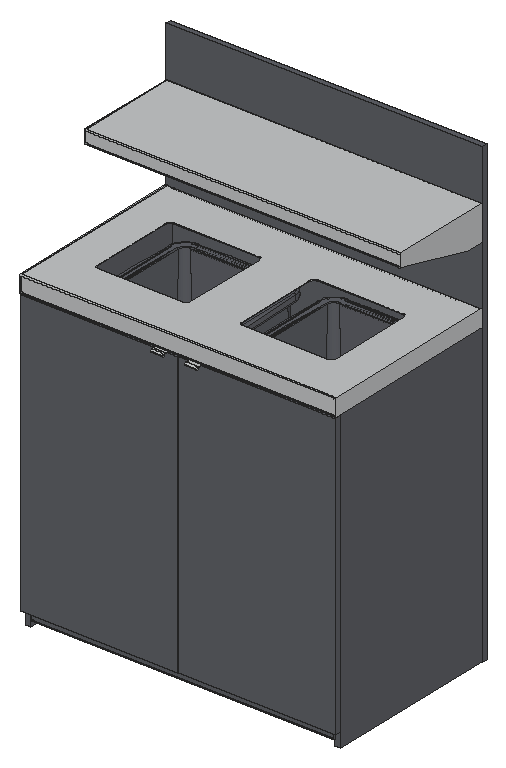
Revit family "Recycling-Waste-Bins_Sessanta-Double-Waste-unit_Busch-Systems", category Generic Models, Revit 2026
Family settings
  Can host rebar = No
  Round Connector Dimension = Use Diameter
  Part Type = Normal
  Work Plane-Based = No
  Always vertical = Yes
  Cut with Voids When Loaded = No
  Maintain Annotation Orientation = No
  Shared = No
  Room Calculation Point = No
Parameters (values of type "SESSANTA - Double - Unit - Restaurant - Full - Slate")
  URL = "https://www.buschsystems.com/"
  Top Material = Silver
  Specification = ""
  Shelf = yes
  Product Page URL = "https://www.arcat.com/arcatcos/cos52/arc52510.html"
  Product Name = "SESSANTA - Triple - Unit - Restaurant - Full - Slate"
  Model = "Sessanta"
  Manufacturer = "Busch Systems International Inc."  # constant formula
  Keynote = "11 82 00"
  Sign Frame = not(Shelf)  # no
  Dimension (H x W x D) = "54”H x 37”W x 22”D"  # constant formula
  Default Elevation = 0' - 0"
  Copyright = "©Arcat Inc."  # constant formula
  Container Material = Slate
  CAD Details = ""
  Body Material = Slate
Types (2): name | Shelf | Product Name | Sign Frame
  SESSANTA - Double - Recyclables - Waste - Full - Slate | no | "SESSANTA - Double - Recyclables - Waste - Full - Slate" | yes
  SESSANTA - Double - Unit - Restaurant - Full - Slate | yes | "SESSANTA - Triple - Unit - Restaurant - Full - Slate" | no
Reference planes
  plane 1 "Center (Front/Back)": y = 0
  plane 2: z = 0
  plane 3 "Center (Left/Right)": x = 0
Forms (mm)
  Extrusion 1, solid, material "Silver" <- "Top Material", visible <- "Sign Frame"
    sketch origin (0, 0, 0) x (0, 1, 0) y (0, 0, 1)
      loop
        line (266.631, 1000.424) -> (264.734, 1000.424) -> (264.734, 958.189)
        arc (264.734, 958.189) -> (260.607, 954.061) -> (256.479, 958.189) r 4.128
        line (256.479, 958.189) -> (256.479, 965.499) -> (254.582, 965.499) -> (254.582, 958.189)
        arc (254.582, 958.189) -> (260.607, 952.164) -> (266.631, 958.189) r 6.025
        line (266.631, 958.189) -> (266.631, 1000.424)
    from -464.18 to 469.27
  Extrusion 2, solid, material "Silver" <- "Top Material", visible <- "Sign Frame"
    sketch origin (0, 0, 0) x (0, 1, 0) y (0, 0, 1)
      loop
        line (252.684, 1370.939) -> (250.787, 1370.939) -> (250.787, 1351.254) -> (252.684, 1351.254) -> (252.684, 1370.939)
    from -464.18 to 469.27
  Extrusion 3, solid, material "Silver" <- "Top Material", visible <- "Sign Frame"
    sketch origin (0, 0, 0) x (1, 0, 0) y (0, 1, 0)
      loop
        line (430.845, 262.837) -> (469.27, 262.837)
        arc (469.27, 262.837) -> (473.397, 258.709) -> (469.27, 254.582) r 4.128
        line (469.27, 254.582) -> (461.96, 254.582) -> (461.96, 252.684) -> (469.27, 252.684)
        arc (469.27, 252.684) -> (475.295, 258.709) -> (469.27, 264.734) r 6.025
        line (469.27, 264.734) -> (430.845, 264.734) -> (430.845, 262.837)
    from 958.189 to 1370.939
  Extrusion 4, solid, material "Silver" <- "Top Material", visible <- "Sign Frame"
    sketch origin (0, 0, 0) x (1, 0, 0) y (0, 1, 0)
      loop
        arc (-464.18, 264.734) -> (-470.205, 258.709) -> (-464.18, 252.684) r 6.025
        line (-464.18, 252.684) -> (-456.87, 252.684) -> (-456.87, 254.582) -> (-464.18, 254.582)
        arc (-464.18, 254.582) -> (-468.308, 258.709) -> (-464.18, 262.837) r 4.128
        line (-464.18, 262.837) -> (-425.755, 262.837) -> (-425.755, 264.734) -> (-464.18, 264.734)
    from 958.189 to 1370.939
  Sweep 5, solid, material "Silver" <- "Top Material", visible <- "Sign Frame"
    path origin (1.118, 272.981, 685.8) x (1, 0, 0) y (0, 0, 1)
      loop
        arc (-447.326, 303.939) -> (-445.467, 299.449) -> (-440.976, 297.589) r 6.35
        line (-440.976, 297.589) -> (441.67, 297.589)
        arc (441.67, 297.589) -> (446.16, 299.449) -> (448.02, 303.939) r 6.35
        line (448.02, 303.939) -> (448.02, 653.189)
        arc (448.02, 653.189) -> (446.16, 657.679) -> (441.67, 659.539) r 6.35
        line (441.67, 659.539) -> (-440.976, 659.539)
        arc (-440.976, 659.539) -> (-445.467, 657.679) -> (-447.326, 653.189) r 6.35
        line (-447.326, 653.189) -> (-447.326, 303.939)
    profile origin (-446.209, 272.981, 1164.364) x (-1, 0, 0) y (0, -1, 0)
      loop
        circle (-0.002, 3.175) r 3.175
  Extrusion 6, solid, material "Silver" <- "Top Material", visible <- "Shelf"
    sketch origin (0, 0, 0) x (0, 1, 0) y (0, 0, 1)
      loop
        line (272.981, 1221.684) -> (-29.328, 1221.684)
        arc (-29.328, 1221.684) -> (-31.089, 1220.955) -> (-31.819, 1219.194) r 2.49
        line (-31.819, 1219.194) -> (-31.819, 1186.066)
        arc (-31.819, 1186.066) -> (-31.31, 1184.589) -> (-30, 1183.738) r 2.399
        line (-30, 1183.738) -> (-7.173, 1178.047) -> (-6.379, 1178.031) -> (219.541, 1118.87) -> (272.981, 1118.87) -> (272.981, 1221.684)
    from -468.02 to 471.018
  Extrusion 7, void
    sketch origin (0, 0, 0) x (0, 1, 0) y (0, 0, 1)
      loop
        arc (-29.359, 1220.47) -> (-30.24, 1220.105) -> (-30.604, 1219.224) r 1.246
        line (-30.604, 1219.224) -> (-30.604, 1186.119)
        arc (-30.604, 1186.119) -> (-30.339, 1185.348) -> (-29.655, 1184.903) r 1.253
        line (-29.655, 1184.903) -> (-6.879, 1179.225) -> (-7.173, 1178.047) -> (-6.379, 1178.031) -> (219.541, 1118.87) -> (271.767, 1118.87) -> (271.767, 1220.47) -> (-29.359, 1220.47)
    from -442.62 to 444.856
  Extrusion 8, void
    sketch origin (0, 0, 0) x (0, 1, 0) y (0, 0, 1)
      loop
        line (271.767, 1220.47) -> (-30.604, 1220.47) -> (-30.604, 1185.14) -> (8.44, 1175.405) -> (219.697, 1120.084) -> (271.767, 1120.084) -> (271.767, 1220.47)
    from -466.806 to 469.041
  Extrusion 9, solid, material "Slate" <- "Body Material"
    sketch origin (-446.209, 272.981, 1164.364) x (-1, 0, 0) y (0, -1, 0)
      loop
        line (-917.226, -15.875) -> (22.574, -15.875) -> (22.574, 0) -> (-917.226, 0) -> (-917.226, -15.875)
    from -1164.364 to 207.236
  Extrusion 10, solid, material "Slate" <- "Body Material"
    sketch origin (0, 0, 0) x (1, 0, 0) y (0, 0, 1)
      loop
        line (468.955, 890) -> (453.08, 890) -> (453.08, 0) -> (468.955, 0) -> (468.955, 890)
    from -272.981 to 252.019
  Extrusion 11, solid, material "Slate" <- "Body Material"
    sketch origin (-919.8, 0, 0) x (1, 0, 0) y (0, 0, 1)
      loop
        line (468.955, 890) -> (453.08, 890) -> (453.08, 0) -> (468.955, 0) -> (468.955, 890)
    from -272.981 to 252.019
  Extrusion 12, solid, material "Slate" <- "Body Material"
    sketch origin (-446.209, 272.981, 1164.364) x (-1, 0, 0) y (0, -1, 0)
      loop
        line (-444.814, 542.875) -> (-444.814, 527) -> (20.186, 527) -> (20.186, 542.875) -> (-444.814, 542.875)
    from -1119.739 to -278.364
  Extrusion 13, solid, material "Slate" <- "Body Material"
    sketch origin (26.204, 272.981, 1164.364) x (-1, 0, 0) y (0, -1, 0)
      loop
        line (-442.931, 542.875) -> (-442.931, 527) -> (22.069, 527) -> (22.069, 542.875) -> (-442.931, 542.875)
    from -1119.739 to -278.364
  Extrusion 14, solid, material "Silver" <- "Top Material"
    sketch origin (0, 0, 0) x (0, 1, 0) y (0, 0, 1)
      loop
        arc (-255.922, 887.448) -> (-254.576, 886.891) -> (-254.019, 885.545) r 1.903
        line (-254.019, 885.545) -> (-254.019, 872.457) -> (-252.5, 872.457) -> (-252.5, 885.536)
        arc (-252.5, 885.536) -> (-253.505, 887.962) -> (-255.931, 888.967) r 3.431
        line (-255.931, 888.967) -> (-278.739, 888.967)
        arc (-278.739, 888.967) -> (-280.08, 888.7) -> (-281.218, 887.94) r 3.506
        line (-281.218, 887.94) -> (-286.028, 883.13) -> (-284.954, 882.056) -> (-280.093, 886.916)
        arc (-280.093, 886.916) -> (-279.504, 887.31) -> (-278.81, 887.448) r 1.815
        line (-278.81, 887.448) -> (-255.922, 887.448)
    from 32.785 to 70.885
  Extrusion 15, void
    sketch origin (0, -286.028, 883.13) x (0, -0.707107, -0.707107) y (-1, 0, 0)
      loop
        line (0, -32.785) -> (-2.308, -32.785)
        arc (-2.308, -32.785) -> (-0.676, -33.461) -> (0, -35.093) r 2.308
        line (0, -35.093) -> (0, -32.785)
      loop
        line (0, -70.885) -> (0, -68.577)
        arc (0, -68.577) -> (-0.676, -70.209) -> (-2.308, -70.885) r 2.308
        line (-2.308, -70.885) -> (0, -70.885)
    from 0 to 1.519
  Extrusion 16, solid, material "Silver" <- "Top Material"
    sketch origin (-100.93, 0, 0) x (0, 1, 0) y (0, 0, 1)
      loop
        arc (-255.922, 887.448) -> (-254.576, 886.891) -> (-254.019, 885.545) r 1.903
        line (-254.019, 885.545) -> (-254.019, 872.457) -> (-252.5, 872.457) -> (-252.5, 885.536)
        arc (-252.5, 885.536) -> (-253.505, 887.962) -> (-255.931, 888.967) r 3.431
        line (-255.931, 888.967) -> (-278.739, 888.967)
        arc (-278.739, 888.967) -> (-280.08, 888.7) -> (-281.218, 887.94) r 3.506
        line (-281.218, 887.94) -> (-286.028, 883.13) -> (-284.954, 882.056) -> (-280.093, 886.916)
        arc (-280.093, 886.916) -> (-279.504, 887.31) -> (-278.81, 887.448) r 1.815
        line (-278.81, 887.448) -> (-255.922, 887.448)
    from 32.785 to 70.885
  Extrusion 17, void
    sketch origin (-100.93, -286.028, 883.13) x (0, -0.707107, -0.707107) y (-1, 0, 0)
      loop
        line (0, -32.785) -> (-2.308, -32.785)
        arc (-2.308, -32.785) -> (-0.676, -33.461) -> (0, -35.093) r 2.308
        line (0, -35.093) -> (0, -32.785)
      loop
        line (0, -70.885) -> (0, -68.577)
        arc (0, -68.577) -> (-0.676, -70.209) -> (-2.308, -70.885) r 2.308
        line (-2.308, -70.885) -> (0, -70.885)
    from 0 to 1.519
  Extrusion 18, solid, material "Slate" <- "Body Material"
    sketch origin (0, 0, 0) x (1, 0, 0) y (0, 0, 1)
      loop
        line (-450.845, 52.062) -> (453.08, 52.062) -> (453.08, 67.937) -> (-450.845, 67.937) -> (-450.845, 52.062)
    from -273.481 to 252.519
  Extrusion 19, solid, material "Slate" <- "Body Material"
    sketch origin (0, 0, 0) x (0, 1, 0) y (0, 0, 1)
      loop
        line (-172.09, 48.193) -> (-172.09, 49.407) -> (-193.164, 49.407)
        arc (-193.164, 49.407) -> (-194.228, 49.196) -> (-195.13, 48.593) r 2.78
        line (-195.13, 48.593) -> (-225.007, 18.715)
        arc (-225.007, 18.715) -> (-225.348, 18.488) -> (-225.751, 18.407) r 1.051
        line (-225.751, 18.407) -> (-251.249, 18.407) -> (-251.249, 17.193) -> (-225.873, 17.193)
        arc (-225.873, 17.193) -> (-224.893, 17.388) -> (-224.062, 17.943) r 2.561
        line (-224.062, 17.943) -> (-194.199, 47.807)
        arc (-194.199, 47.807) -> (-193.771, 48.093) -> (-193.266, 48.193) r 1.32
        line (-193.266, 48.193) -> (-172.09, 48.193)
    from -449.834 to 451.866
  Extrusion 20, solid, material "Slate" <- "Body Material"
    sketch origin (0, 0, 0) x (0, 1, 0) y (0, 0, 1)
      loop
        line (-228.333, 19.622) -> (-251.269, 19.622)
        arc (-251.269, 19.622) -> (-252.153, 19.988) -> (-252.519, 20.871) r 1.25
        line (-252.519, 20.871) -> (-252.519, 66.661)
        arc (-252.519, 66.661) -> (-252.145, 67.564) -> (-251.242, 67.937) r 1.276
        line (-251.242, 67.937) -> (-125.519, 67.937) -> (-125.519, 69.152) -> (-251.277, 69.152)
        arc (-251.277, 69.152) -> (-253.013, 68.432) -> (-253.733, 66.696) r 2.456
        line (-253.733, 66.696) -> (-253.733, 20.971)
        arc (-253.733, 20.971) -> (-252.982, 19.158) -> (-251.169, 18.408) r 2.564
        line (-251.169, 18.408) -> (-228.333, 18.408) -> (-228.333, 19.622)
    from -449.834 to 451.866
  Extrusion 21, solid, material "Silver" <- "Top Material"
    sketch origin (0, 0, 0) x (0, 1, 0) y (0, 0, 1)
      loop
        line (269.564, 940.8) -> (-266.503, 940.8)
        arc (-266.503, 940.8) -> (-268.936, 939.792) -> (-269.944, 937.36) r 3.44
        line (-269.944, 937.36) -> (-269.944, 893.382)
        arc (-269.944, 893.382) -> (-268.953, 890.991) -> (-266.562, 890) r 3.382
        line (-266.562, 890) -> (269.55, 890)
        arc (269.55, 890) -> (271.977, 891.005) -> (272.981, 893.431) r 3.431
        line (272.981, 893.431) -> (272.981, 937.382)
        arc (272.981, 937.382) -> (271.98, 939.799) -> (269.564, 940.8) r 3.418
    from -469.138 to 469.138
  Extrusion 22, void
    sketch origin (0, 0, 0) x (0, 1, 0) y (0, 0, 1)
      loop
        arc (269.627, 891.519) -> (270.925, 892.057) -> (271.462, 893.354) r 1.835
        line (271.462, 893.354) -> (271.462, 937.303)
        arc (271.462, 937.303) -> (270.883, 938.702) -> (269.484, 939.281) r 1.978
        line (269.484, 939.281) -> (-266.505, 939.281)
        arc (-266.505, 939.281) -> (-267.863, 938.719) -> (-268.425, 937.362) r 1.919
        line (-268.425, 937.362) -> (-268.425, 893.38)
        arc (-268.425, 893.38) -> (-267.88, 892.064) -> (-266.564, 891.519) r 1.861
        line (-266.564, 891.519) -> (-254.069, 891.519) -> (-254.069, 890) -> (257.106, 890) -> (257.106, 891.519) -> (269.627, 891.519)
    from -450.845 to 453.08
  Extrusion 23, void
    sketch origin (0, 0, 0) x (1, 0, 0) y (0, 0, 1)
      loop
        line (-450.845, 939.281) -> (-465.72, 939.281)
        arc (-465.72, 939.281) -> (-467.063, 938.725) -> (-467.619, 937.382) r 1.899
        line (-467.619, 937.382) -> (-467.619, 893.397)
        arc (-467.619, 893.397) -> (-467.069, 892.069) -> (-465.741, 891.519) r 1.878
        line (-465.741, 891.519) -> (-450.845, 891.519) -> (-450.845, 939.281)
    from -271.462 to 268.425
  Extrusion 24, void
    sketch origin (1.694, 0, 0) x (-1, 0, 0) y (0, 0, -1)
      loop
        line (-451.386, -939.281) -> (-451.386, -891.519) -> (-464.046, -891.519)
        arc (-464.046, -891.519) -> (-465.374, -892.069) -> (-465.925, -893.397) r 1.878
        line (-465.925, -893.397) -> (-465.925, -937.382)
        arc (-465.925, -937.382) -> (-465.368, -938.725) -> (-464.026, -939.281) r 1.899
        line (-464.026, -939.281) -> (-451.386, -939.281)
    from -271.462 to 268.425
  Extrusion 25, void
    sketch origin (-446.209, 272.981, 1164.364) x (-1, 0, 0) y (0, -1, 0)
      loop
        line (-91.371, 144.463) -> (-91.371, 398.463)
        arc (-91.371, 398.463) -> (-95.091, 407.443) -> (-104.071, 411.162) r 12.7
        line (-104.071, 411.162) -> (-358.071, 411.163)
        arc (-358.071, 411.163) -> (-367.051, 407.443) -> (-370.771, 398.462) r 12.7
        line (-370.771, 398.462) -> (-370.771, 144.462)
        arc (-370.771, 144.462) -> (-367.051, 135.482) -> (-358.071, 131.762) r 12.7
        line (-358.071, 131.762) -> (-104.071, 131.762)
        arc (-104.071, 131.762) -> (-95.091, 135.482) -> (-91.371, 144.463) r 12.7
      loop
        line (-788.347, 133.281) -> (-534.347, 133.281)
        arc (-534.347, 133.281) -> (-525.367, 137.001) -> (-521.647, 145.981) r 12.7
        line (-521.647, 145.981) -> (-521.647, 399.981)
        arc (-521.647, 399.981) -> (-525.367, 408.962) -> (-534.347, 412.681) r 12.7
        line (-534.347, 412.681) -> (-788.347, 412.681)
        arc (-788.347, 412.681) -> (-797.327, 408.962) -> (-801.047, 399.981) r 12.7
        line (-801.047, 399.981) -> (-801.047, 145.981)
        arc (-801.047, 145.981) -> (-797.327, 137.001) -> (-788.347, 133.281) r 12.7
    from -226.988 to -223.564
  Extrusion 26, solid, material "Recyclables & Waste", visible <- "Sign Frame"
    sketch origin (-468.782, 0, 1164.364) x (1, 0, 0) y (0, 0, 1)
      loop
        line (43.028, 186.89) -> (43.028, -163.94) -> (899.627, -163.94) -> (899.627, 186.89) -> (43.028, 186.89)
    from -272.981 to -266.631
Cuts and joins
  Extrusion 7, Extrusion 8, Extrusion 25 cuts Extrusion 6
  Extrusion 15 cuts Extrusion 13
  Extrusion 15, Extrusion 17 cuts Extrusion 14
  Extrusion 17 cuts Extrusion 16
  Extrusion 22, Extrusion 23, Extrusion 24, Extrusion 25 cuts Extrusion 21
Dimensions and locks
  aligned and locked: plane 2 to level
Nested families
  nested 1: "Container" at (315.996, 15.052, 67.937) x (-1, 0, 0) z (0, 0, 1), type "Container"
  nested 2: "Container" at (-117.392, 3.146, 67.937) x (-1, 0, 0) z (0, 0, 1), type "Container"
Definition of nested family "Container"
  Parameters
    Default Elevation = 0' - 0"
    Contair Material = none
  Reference planes
    plane 1 "Center (Front/Back)": y = 0
    plane 2: z = 0
    plane 3 "Center (Left/Right)": x = 0
  Forms (mm)
    Blend 1, solid, material <- "Contair Material"
      base sketch origin (0, 0, 0) x (1, 0, 0) y (0, 1, 0)
        loop
          arc (213.207, -209.185) -> (241.237, -195.923) -> (253.801, -167.573) r 44.505
          arc (253.801, -167.573) -> (258.971, -0.001) -> (253.922, 167.575) r 2750.595
          arc (253.922, 167.575) -> (241.412, 195.796) -> (213.485, 208.95) r 44.207
          arc (213.485, 208.95) -> (103.959, 213.553) -> (-5.571, 209.056) r 1320.519
          arc (-5.571, 209.056) -> (-33.481, 195.87) -> (-45.838, 167.583) r 43.954
          arc (-45.838, 167.583) -> (-49.918, -0.163) -> (-45.838, -167.909) r 3450.231
          arc (-45.838, -167.909) -> (-33.471, -196.023) -> (-5.72, -209.185) r 43.972
          arc (-5.72, -209.185) -> (103.743, -213.901) -> (213.207, -209.185) r 1272.884
      top sketch origin (0, 0, 0) x (1, 0, 0) y (0, 1, 0)
        loop
          arc (270.935, -205.628) -> (277.931, -0.048) -> (270.935, 205.531) r 3023.916
          arc (270.935, 205.531) -> (263.18, 224.254) -> (244.456, 232.01) r 26.479
          arc (244.456, 232.01) -> (103.555, 240.074) -> (-37.347, 232.01) r 1235.025
          arc (-37.347, 232.01) -> (-54.879, 223.356) -> (-62.921, 205.534) r 28.972
          arc (-62.921, 205.534) -> (-69.139, -0.07) -> (-62.921, -205.675) r 3402.385
          arc (-62.921, -205.675) -> (-54.799, -223.891) -> (-36.698, -232.268) r 28.388
          arc (-36.698, -232.268) -> (104.292, -239.288) -> (245.282, -232.268) r 1419.421
          arc (245.282, -232.268) -> (262.96, -223.619) -> (270.935, -205.628) r 28.757
      from 0 to 759.46
    Sweep 2, solid, material <- "Contair Material"
      path origin (1360.365, 518.155, 762) x (-1, 0, 0) y (0, -1, 0)
        loop
          arc (1115.909, 286.145) -> (1256.81, 278.081) -> (1397.711, 286.145) r 1235.025
          arc (1397.711, 286.145) -> (1415.244, 294.799) -> (1423.286, 312.621) r 28.972
          arc (1423.286, 312.621) -> (1429.504, 518.225) -> (1423.286, 723.829) r 3402.385
          arc (1423.286, 723.829) -> (1415.163, 742.046) -> (1397.062, 750.423) r 28.388
          arc (1397.062, 750.423) -> (1256.072, 757.443) -> (1115.082, 750.423) r 1419.421
          arc (1115.082, 750.423) -> (1097.405, 741.774) -> (1089.43, 723.783) r 28.757
          arc (1089.43, 723.783) -> (1082.433, 518.203) -> (1089.43, 312.624) r 3023.916
          arc (1089.43, 312.624) -> (1097.185, 293.9) -> (1115.909, 286.145) r 26.479
      profile origin (103.555, 240.074, 762) x (0, -1, 0) y (0, 0, 1)
        loop
          arc (-3.093, -2.54) -> (0.24, -3.887) -> (1.703, -7.171) r 4.798
          line (1.703, -7.171) -> (4.284, -7.171) -> (4.025, 0) -> (-15.075, 0)
          arc (-15.075, 0) -> (-18.186, -1.21) -> (-19.663, -4.205) r 4.606
          line (-19.663, -4.205) -> (-20.962, -19.05) -> (-20.891, -19.863) -> (-19.126, -19.863)
          arc (-19.126, -19.863) -> (-18.673, -19.698) -> (-18.432, -19.281) r 0.704
          line (-18.432, -19.281) -> (-17.353, -6.943)
          arc (-17.353, -6.943) -> (-15.807, -3.807) -> (-12.548, -2.54) r 4.823
          line (-12.548, -2.54) -> (-3.093, -2.54)
    Blend 3, void
      base sketch origin (1360.365, 518.155, 762) x (-1, 0, 0) y (0, -1, 0)
        loop
          arc (1147.112, 311.973) -> (1256.407, 307.38) -> (1365.707, 311.868) r 1317.741
          arc (1365.707, 311.868) -> (1391.851, 324.218) -> (1403.428, 350.713) r 41.175
          arc (1403.428, 350.713) -> (1407.505, 518.315) -> (1403.429, 685.916) r 3447.453
          arc (1403.429, 685.916) -> (1391.84, 712.246) -> (1365.846, 724.572) r 41.194
          arc (1365.846, 724.572) -> (1256.622, 729.277) -> (1147.397, 724.572) r 1270.106
          arc (1147.397, 724.572) -> (1121.117, 712.138) -> (1109.337, 685.557) r 41.727
          arc (1109.337, 685.557) -> (1104.172, 518.155) -> (1109.216, 350.748) r 2747.817
          arc (1109.216, 350.748) -> (1120.94, 324.3) -> (1147.112, 311.973) r 41.428
      top sketch origin (1360.365, 518.155, 762) x (-1, 0, 0) y (0, -1, 0)
        loop
          arc (1096.217, 723.32) -> (1089.236, 518.079) -> (1096.234, 312.838) r 3017.113
          arc (1096.234, 312.838) -> (1102.048, 298.659) -> (1116.27, 292.951) r 19.676
          arc (1116.27, 292.951) -> (1256.601, 284.884) -> (1396.935, 292.903) r 1228.222
          arc (1396.935, 292.903) -> (1410.33, 299.504) -> (1416.5, 313.101) r 22.169
          arc (1416.5, 313.101) -> (1422.701, 518.26) -> (1416.495, 723.418) r 3395.582
          arc (1416.495, 723.418) -> (1410.291, 737.298) -> (1396.477, 743.645) r 21.585
          arc (1396.477, 743.645) -> (1256.129, 750.64) -> (1115.781, 743.656) r 1412.618
          arc (1115.781, 743.656) -> (1102.299, 737.048) -> (1096.217, 723.32) r 21.954
      from -758.571 to -2.54
  Cuts and joins
    Blend 3 cuts Blend 1
  Dimensions and locks
    aligned and locked: plane 2 to level
